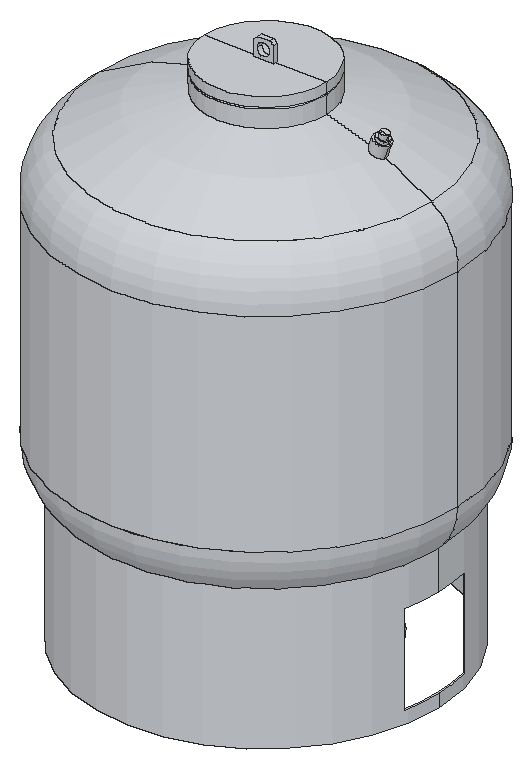
Revit family
Parameters (values of type "WX-458-C 125# W.P.")
  Weight = ""
  Tank Volume = "660 Gal"
  Tank Only = 63.875"
  Tank Height/Length = 81.375"
  Tank Diameter = 60.000"
  Pipe Connector Diameter = Pipe Connection Radius * 2  # 4.000"
  Pipe Connection Radius = 2.000"
  Model = "WX-458-C"
  Maximum Acceptance Volume = "429 Gal"
  Max Operating Temp = "240 DEG F"
  Max Operating Pressure = "125 PSI"
  Manufacturer = "Amtrol"
  Lifting Ring Location = Tank Only / 2  # 31.9375"
  Floor to Elbow Centerline = 7.125"
  Floor to Bottom of Tank = 14.000"
  Bladder/Diaphragm = "Bladder"
  ASME = yes
Types (5): name | Tank Volume | Tank Only | Tank Height/Length | Model | Maximum Acceptance Volume | Lifting Ring Location
  (no name) | "660 Gal" | 63.875" | 81.375" | "WX-458-C" | "429 Gal" | 31.9375"
  WX-459-C 125# W.P. | "792 Gal" | 75.375" | 92.375" | "WX-459-C" | "473 Gal" | 37.6875"
  WX-458-C 125# W.P. | "660 Gal" | 63.875" | 81.375" | "WX-458-C" | "429 Gal" | 31.9375"
  WX-460-C 125# W.P. | "925 Gal" | 86.375" | 103.875" | "WX-460-C" | "601 Gal" | 43.1875"
  WX-461-C 125# W.P. | "1056 Gal" | 96.875" | 114.375" | "WX-461-C" | "686 Gal" | 48.4375"
Reference planes (in)
  plane 1 "Center (Front/Back)": y = 0
  plane 2: z = 0
  plane 3 "Center (Left/Right)": x = 0
Forms (in)
  Revolve 1, solid
    sketch origin (0, 0, 0) x (1, 0, 0) y (0, 0, 1)
      loop
        line (0, 77.875) -> (0, 14)
        arc (0, 14) -> (13.84875, 15.96256) -> (26.49303, 21.94266) r 46.64515
        arc (26.49303, 21.94266) -> (29.07653, 25.13301) -> (30, 29.13301) r 9.12469
        line (30, 29.13301) -> (30, 62.09222)
        arc (30, 62.09222) -> (29.10855, 66.80072) -> (25.95407, 70.40819) r 9.125
        arc (25.95407, 70.40819) -> (13.52925, 76.06107) -> (0, 77.875) r 46.645
      axis (0, 14) -> (0, 77.875)
    angle from 0 to 360
  Revolve 2, solid
    sketch origin (0, 0, 0) x (1, 0, 0) y (0, 0, 1)
      loop
        line (-27, 0) -> (-26.75, 0) -> (-26.75, 22.74238) -> (-27, 22.74238) -> (-27, 0)
      axis (0, 0) -> (0, 22.74238)
    angle from 0 to 360
  Revolve 3, solid
    sketch origin (0, 0, 0) x (1, 0, 0) y (0, 0, 1)
      loop
        line (0, 75.14684) -> (9.5, 75.14684) -> (9.5, 79.625) -> (7, 79.625) -> (7, 79.875) -> (9.5, 79.875) -> (9.5, 81.375) -> (0, 81.375) -> (0, 75.14684)
      axis (0, 75.14684) -> (0, 81.375)
    angle from 0 to 360
  Revolve 4, solid
    sketch origin (0, 0, 0) x (1, 0, 0) y (0, 0, 1)
      loop
        line (18.60233, 77.54926) -> (17.44918, 74.38101) -> (18.65433, 73.94237) -> (19.399, 75.98835) -> (19.0897, 76.10093) -> (19.23106, 76.4893) -> (18.92012, 76.60247) -> (19.18724, 77.33637) -> (18.60233, 77.54926)
      axis (17.44918, 74.38101) -> (18.60233, 77.54926)
    angle from 0 to 360
  Revolve 5, solid
    sketch origin (0, 0, 0) x (1, 0, 0) y (0, 0, 1)
      loop
        line (20.66286, 14.95418) -> (19.49817, 19.30085) -> (13.37058, 17.65897) -> (14.53527, 13.3123) -> (20.66286, 14.95418)
      axis (13.37058, 17.65897) -> (14.53527, 13.3123)
    angle from 0 to 360
  Revolve 6, solid
    sketch origin (0, 0, 0) x (1, 0, 0) y (0, 0, 1)
      loop
        line (16.78527, 11.63937) -> (16.78527, 14.38937) -> (14.53527, 14.38937) -> (14.53527, 11.63937) -> (16.78527, 11.63937)
      axis (14.53527, 11.63937) -> (14.53527, 14.38937)
    angle from 0 to 360
  Sweep 7, solid
    path origin (0, 0, 0) x (1, 0, 0) y (0, 0, 1)
      loop
        line (14.53527, 12.01108) -> (14.53527, 11.14816)
        arc (14.53527, 11.14816) -> (15.71362, 8.30336) -> (18.55842, 7.125) r 4.02316
        line (18.55842, 7.125) -> (19.42135, 7.125)
    profile origin (14.53527, 0, 11.57962) x (0, -1, 0) y (1, 0, 0)
      loop
        circle (0, 0) r 3
  Extrusion 8, solid
    sketch origin (0, 0, -0.06621) x (1, 0, 0) y (0, 0, 1)
      loop
        line (-1.5, 81.375) -> (1.5, 81.375) -> (1.5, 83.86922) -> (0.99422, 84.375) -> (-0.95615, 84.375) -> (-1.5, 83.83115) -> (-1.5, 81.375)
      loop
        circle (0, 82.84396) r 1
    from -0.36799 to 0.40366
  Extrusion 9, void
    sketch origin (0, 0, 0) x (0, 1, 0) y (0, 0, 1)
      loop
        line (-6, 2) -> (6, 2) -> (6, 16.25) -> (-6, 16.25) -> (-6, 2)
    from 23.24485 to 50.60605
  Extrusion 10, solid
    sketch origin (0, 0, 0) x (1, 0, 0) y (0, 0, 1)
      loop
        line (-29.90371, 47.44858) -> (-32.40371, 47.44858) -> (-32.90371, 46.94858) -> (-32.90371, 44.9487) -> (-32.40358, 44.44858) -> (-29.90371, 44.44858) -> (-29.90371, 47.44858)
      loop
        circle (-31.42491, 45.94858) r 1
    from -0.36799 to 0.40366
Cuts and joins
  Extrusion 9 cuts Revolve 1
  Extrusion 9 cuts Revolve 2
  Extrusion 9 cuts Revolve 5
  Extrusion 9 cuts Sweep 7
Lines and regions (in)
  reference lines
    curve 1: line (0, 0, 14.01108) -> (-1.75, 0, 14.01108)
Dimensions and locks (in)
  "Tank Only": Revolve 1 sketch curve to Revolve 1 sketch curve
  "Floor to Bottom of Tank": Revolve 1 sketch curve to level
  Revolve 1 sketch curve to Revolve 1 sketch curve = 37.52092"
  "Tank Height/Length": Revolve 3 sketch curve to level
  Revolve 3 sketch curve to Revolve 3 sketch curve = 4.47816"
  Revolve 3 sketch curve to Revolve 3 sketch curve = 4.72816"
  Revolve 3 sketch curve to Revolve 3 sketch curve = 6.22816"
  Revolve 4 sketch curve to Revolve 1 = 3.53419"  (x2)
  Revolve 4 sketch curve to Revolve 1 = 5.58017"
  Revolve 4 sketch curve to Revolve 1 = 6.08111"
  Revolve 4 sketch curve to Revolve 4 sketch curve = 3.37158"
  "Floor to Elbow Centerline": Sweep 7 sketch curve to Revolve 2
  Extrusion 8 sketch curve to Revolve 3 = 2.93379"
  Extrusion 8 sketch curve to Revolve 3 = 1.40275"
  Revolve 3 sketch curve to cut or joined group of Revolve 1, Extrusion 9 = 13.05462"
  Extrusion 10 sketch curve to Extrusion 10 sketch curve = 1.500"  (x2)
  "Lifting Ring Location": Extrusion 10 sketch curve to curve 1
  radius of Revolve 1 sketch curve = 46.645"
  radius of Revolve 1 sketch curve = 9.125"
  radius of Revolve 1 sketch curve = 9.12469"
  radius of Revolve 1 sketch curve = 46.64515"
  aligned and locked: plane 1 "Center (Front/Back)" to import instance
  aligned and locked: plane 3 "Center (Left/Right)" to import instance
Automatic sketch dimensions
  Revolve 1 sketch curve to plane 3 "Center (Left/Right)" = 0.000"  (x2)
  plane 3 "Center (Left/Right)" to Revolve 1 sketch curve = 0.45349"
  plane 3 "Center (Left/Right)" to Revolve 1 sketch curve = 0.63289"
  Revolve 1 sketch curve to Revolve 1 sketch curve = 20.24243"
  Revolve 1 sketch curve to Revolve 1 sketch curve = 9.09684"
  Revolve 1 sketch curve to Revolve 1 sketch curve = 3.50697"
  Revolve 1 sketch curve to Revolve 1 sketch curve = 0.000"
  Revolve 1 sketch curve to Revolve 1 sketch curve = 19.625"
  Revolve 2 sketch curve to level = 0.000"  (x2)
  Revolve 2 sketch curve to plane 3 "Center (Left/Right)" = 0.000"
  Revolve 2 sketch curve to plane 3 "Center (Left/Right)" = 26.750"
  Revolve 2 sketch curve to Revolve 2 sketch curve = 0.250"
  level to Revolve 2 sketch curve = 22.74238"
  Revolve 2 sketch curve to Revolve 2 sketch curve = 10.25762"
  Revolve 3 sketch curve to plane 3 "Center (Left/Right)" = 0.000"  (x2)
  plane 3 "Center (Left/Right)" to Revolve 3 sketch curve = 7.000"
  Revolve 3 sketch curve to Revolve 3 sketch curve = 2.500"
  Revolve 3 sketch curve to Revolve 3 sketch curve = 0.000"
  Revolve 3 sketch curve to Revolve 3 sketch curve = 2.22816"
  Revolve 3 sketch curve to Revolve 3 sketch curve = 6.000"
  plane 3 "Center (Left/Right)" to Revolve 4 sketch curve = 17.44918"
  Revolve 4 sketch curve to Revolve 4 sketch curve = 0.000"  (x2)
  Revolve 4 sketch curve to Revolve 4 sketch curve = 0.31779"
  Revolve 4 sketch curve to Revolve 4 sketch curve = 0.16958"
  Revolve 4 sketch curve to Revolve 4 sketch curve = 0.31094"
  Revolve 4 sketch curve to Revolve 4 sketch curve = 0.81347"
  Revolve 4 sketch curve to Revolve 4 sketch curve = 0.43864"
  Revolve 4 sketch curve to Revolve 4 sketch curve = 2.23498"
  plane 3 "Center (Left/Right)" to Revolve 5 sketch curve = 12.57951"
  Revolve 5 sketch curve to Revolve 5 sketch curve = 0.79107"
  Revolve 5 sketch curve to Revolve 5 sketch curve = 1.16469"
  Revolve 5 sketch curve to Revolve 5 sketch curve = 1.30131"
  Revolve 5 sketch curve to Revolve 5 sketch curve = 6.12759"
  level to Revolve 5 sketch curve = 8.45576"
  Revolve 5 sketch curve to Revolve 5 sketch curve = 4.85655"
  Revolve 5 sketch curve to Revolve 5 sketch curve = 1.64188"
  Revolve 5 sketch curve to Revolve 5 sketch curve = 2.95233"
  plane 3 "Center (Left/Right)" to Revolve 6 sketch curve = 14.53527"
  Revolve 6 sketch curve to Revolve 6 sketch curve = 0.000"  (x2)
  Revolve 6 sketch curve to Revolve 6 sketch curve = 2.250"
  level to Revolve 6 sketch curve = 11.63937"
  Revolve 6 sketch curve to Revolve 6 sketch curve = 2.750"
  Revolve 6 sketch curve to Revolve 6 sketch curve = 1.000"
  plane 3 "Center (Left/Right)" to Sweep 7 sketch curve = 14.53527"
  Sweep 7 sketch curve to Sweep 7 sketch curve = 4.02316"
  Sweep 7 sketch curve to Sweep 7 sketch curve = 0.86292"  (x2)
  plane 1 "Center (Front/Back)" to Sweep 7 sketch curve = 0.000"
  Sweep 7 sketch curve to profile plane = 0.000"
  Extrusion 8 sketch curve to plane 3 "Center (Left/Right)" = 0.000"
  Extrusion 8 sketch curve to plane 3 "Center (Left/Right)" = 0.95615"
  plane 3 "Center (Left/Right)" to Extrusion 8 sketch curve = 0.99422"
  plane 3 "Center (Left/Right)" to Extrusion 8 sketch curve = 1.500"
  Extrusion 8 sketch curve to Extrusion 8 sketch curve = 0.50578"
  Extrusion 8 sketch curve to Extrusion 8 sketch curve = 0.54385"  (x2)
  Extrusion 8 sketch curve to Extrusion 8 sketch curve = 1.46896"
  plane 1 "Center (Front/Back)" to Extrusion 9 sketch curve = 6.000"
  Extrusion 9 sketch curve to plane 1 "Center (Front/Back)" = 6.000"
  level to Extrusion 9 sketch curve = 2.000"
  Extrusion 9 sketch curve to Extrusion 9 sketch curve = 14.250"
  curve 1 to plane 3 "Center (Left/Right)" = 0.000"
  curve 1 to curve 1 = 1.750"
  level to curve 1 = 14.01108"
  Extrusion 10 sketch curve to plane 3 "Center (Left/Right)" = 32.90371"
  Extrusion 10 sketch curve to Extrusion 10 sketch curve = 0.500"  (x2)
  Extrusion 10 sketch curve to Extrusion 10 sketch curve = 0.50012"  (x2)
  Extrusion 10 sketch curve to Extrusion 10 sketch curve = 1.47879"
  Extrusion 10 sketch curve to Extrusion 10 sketch curve = 1.52121"
  radius of Sweep 7 sketch curve = 3.000"
  radius of Extrusion 8 sketch curve = 1.000"
  radius of Extrusion 10 sketch curve = 1.000"
Connectors (in)
  piping at (19.42135, 0, 7.125), driven by "Pipe Connection Radius"
    settings: on cut or joined group of Sweep 7, Extrusion 9, index 1
